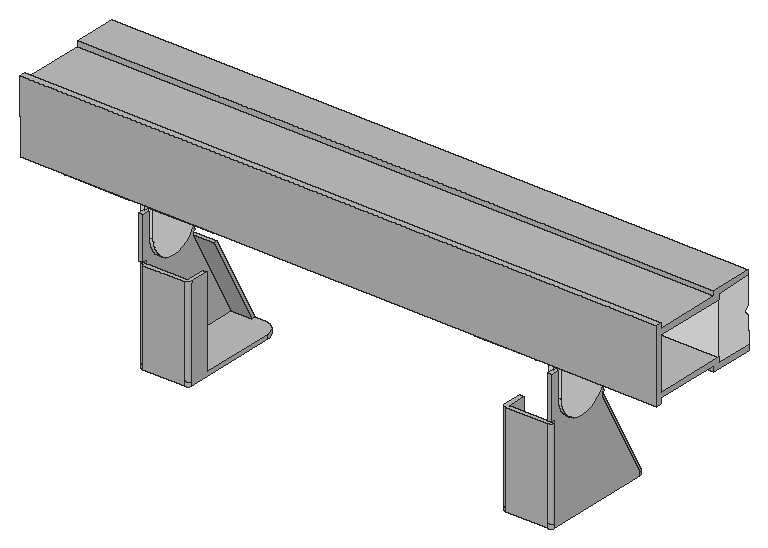
Revit family "4070742+4070746+4070771 Feilo Sylvania Lighting Fixture CURSUS 306MM 218LM OVAL LED 4K with CONTINUOUS WALL HOUSING with 70MM WALL BRACKET", category Lighting Fixtures, host Face, Revit 2017
Family settings
  Host = Face
  Round Connector Dimension = Use Diameter
  Part Type = Normal
  OmniClass Number = 23.80.70.14
  OmniClass Title = Luminaries for External Lighting
  Cut with Voids When Loaded = Yes
  Light Source = No
  Shared = No
  Room Calculation Point = No
Parameters (values of type "4070742 CURSUS 306MM 218LM OVAL LED 4K")
  Weight = "0.6 kg"
  Wattage Comments = "n/a"
  WarrantyStartDate [instance] = "n/a"
  WarrantyGuarantorParts = "n/a"
  WarrantyDurationUnit = "n/a"
  WarrantyDurationParts = "n/a"
  WarrantyDescription = "n/a"
  Voltage = 24 V
  URL = "http://www.sylvania-lighting.com"
  TypeName = "CURSUS 306MM 218LM OVAL LED 4K"
  TypeFixture_FEILO = CURSUS with CONTINUOUS WALL HOUSING : CURSUS 306MM 218LM OVAL LED 4K
  Type Image = <None>
  Type Comments = "n/a"
  TiltAngle [instance] = 0.00°
  StartAngle [instance] = TiltAngle + 270.00°  # 270.00°
  SerialNumber [instance] = "n/a"
  ReflectorMaterial = none
  PowerFactor = 0
  PowerConsumption = "4.5 W"
  NominalLength = 306 mm
  NominalHeight = 50 mm
  NominalDepth = 30 mm
  Name = "CURSUS 306MM 218LM OVAL LED 4K"
  ModelReference = Name  # "CURSUS 306MM 218LM OVAL LED 4K"
  ModelNumber = "4070742"
  Model = Name  # "CURSUS 306MM 218LM OVAL LED 4K"
  Material = "natural anodised extruded aluminium structure housing, optical system with pmma lenses diffuser"
  ManufacturerName = "Feilo Sylvania"
  Manufacturer = "Feilo Sylvania"
  LuminousEfficacy = "48.44 lm/W"
  LuminaireType = ""
  LightOutputRatio = "100"
  LampsType = Lamp  # "LED"
  LampNominalLuminous = "218 lm"
  LampMacAdamStep = "n/a"
  LampColourTemperature = "4000 K"
  LampColourRenderingIndex = "80"
  Lamp = "LED"
  Keynote = "16500"
  InstallationDate [instance] = "n/a"
  InputVoltage = "24V DC"
  InputNominalFrequency = "n/a"
  IngressProtection = "IP67"
  ImpactProtectionIndex = "IK07"
  IfcExportType = "IfcLightFixtureType"
  IfcExportAs = "IfcLightFixtureType"
  ExpectedLife = 50000
  EndAngle [instance] = StartAngle - 180.00°  # 90.00°
  ElectricShockClassification = "Class III"
  DurationUnit = "hours"
  DocumentationLiterature = "http://www.sylvania-lighting.com/product/en-int/products/4070742"
  DimmingControlOptions = "n/a"
  DiffuserMaterial = Diffuser-Sylvania-Glow
  Description = "LED Exterior Lighting Recessed Surface Mounted Linear Fixture, Natural anodised extruded aluminium structure. Die-cast aluminium end caps. Installation kit with harmonic steel springs., 218 lm, 4,5W,  48lm/W, 4000K, CRI80+,non dimmable,IP67, IK07, (HxWxD) 306x50x30mm, 3 step Mac Adam Ellipse, 0.6kg,, Classe III, 21-25V-DC, energy class : A++, A+, A"
  Default Elevation = 1219.2 mm
  CreatedOn = "1/8/2018"
  CreatedBy = ""
  Cost = 0
  built-in parameter 1114216 [instance] = (empty or 0)
  ClassificationValue = "EF_70_80"
  ClassificationName = "Uniclass2015"
  BracketWidth = 24 mm
  BracketThickness = 2 mm
  BracketHeightEnd = 32 mm
  BracketHeight = 55 mm
  BracketFlange = BracketHeight / 5  # 11 mm
  BracketExtension = 70 mm
  BracketEndReduction = 25 mm
  BracketC = 22 mm  # constant formula
  BracketDistance = 175 mm
  BracketD = BracketHeightEnd - (BracketC * (BracketHeight - BracketHeightEnd) / (BracketExtension - BracketEndReduction))  # 20.756 mm
  BodyMaterial = Body-Sylvania-Gray
  BarCode [instance] = "n/a"
  AssetType = "Fixed"
  AssetIdentifier [instance] = "n/a"
  Assembly Code = "D5020200"
  Apparent Load = 4.5 VA
  AccessoryMaterial = Diffuser-Sylvania-Glow
Reference planes
  plane 1 "Center (Front/Back)": y = 0
  plane 2: z = 0
  plane 3 "Center (Left/Right)": x = 0
  plane 4: x = -99.5
  plane 5: x = 99.5
  plane 6: y = 55
  plane 7: x = -75.5
  plane 8: x = 75.5
  plane 9: z = 70
  plane 10: z = 56
  plane 11: z = 2
  plane 12: z = 45
  plane 13: x = -97.5
  plane 14: y = 53
  plane 15: y = 2
  plane 16: x = -77.5
  plane 17: x = 77.5
  plane 18: x = 97.5
  plane 19: x = -87.5
  plane 20: x = 87.5
  plane 21: y = 11
  plane 22: y = 32
  plane 23: y = 30
  plane 24: z = 67
  plane 25: y = 20.756
  plane 26: y = 16
Forms (mm)
  Blend 1, solid, material "Body-Sylvania-Gray" <- "BodyMaterial"
    base sketch origin (1223.4, -4572, 2) x (0, -1, 0) y (1, 0, 0)
      loop
        line (-4625, -1310.9) -> (-4627, -1310.9) -> (-4627, -1320.9)
        arc (-4627, -1320.9) -> (-4626.414, -1322.314) -> (-4625, -1322.9) r 2
        line (-4625, -1322.9) -> (-4574, -1322.9)
        arc (-4574, -1322.9) -> (-4572.586, -1322.314) -> (-4572, -1320.9) r 2
        line (-4572, -1320.9) -> (-4572, -1300.9)
        arc (-4572, -1300.9) -> (-4572.586, -1299.486) -> (-4574, -1298.9) r 2
        line (-4574, -1298.9) -> (-4583, -1298.9) -> (-4583, -1300.9) -> (-4574, -1300.9) -> (-4574, -1320.9) -> (-4625, -1320.9) -> (-4625, -1310.9)
    top sketch origin (1223.4, -4572, 2) x (0, -1, 0) y (1, 0, 0)
      loop
        line (-4583, -1300.9) -> (-4574, -1300.9) -> (-4574, -1320.9) -> (-4602, -1320.9) -> (-4602, -1310.9) -> (-4604, -1310.9) -> (-4604, -1320.9)
        arc (-4604, -1320.9) -> (-4603.52, -1322.21) -> (-4602.309, -1322.9) r 2.028
        line (-4602.309, -1322.9) -> (-4574, -1322.9)
        arc (-4574, -1322.9) -> (-4572.586, -1322.314) -> (-4572, -1320.9) r 2
        line (-4572, -1320.9) -> (-4572, -1300.9)
        arc (-4572, -1300.9) -> (-4572.586, -1299.486) -> (-4574, -1298.9) r 2
        line (-4574, -1298.9) -> (-4583, -1298.9) -> (-4583, -1300.9)
    from 0 to 43
  Extrusion 2, solid, material "Body-Sylvania-Gray" <- "BodyMaterial"
    sketch origin (0, 0, 0) x (1, 0, 0) y (0, 1, 0)
      loop
        arc (-97.5, 55) -> (-98.914, 54.414) -> (-99.5, 53) r 2
        line (-99.5, 53) -> (-99.5, 2)
        arc (-99.5, 2) -> (-98.914, 0.586) -> (-97.5, 0) r 2
        line (-97.5, 0) -> (-77.5, 0)
        arc (-77.5, 0) -> (-76.086, 0.586) -> (-75.5, 2) r 2
        line (-75.5, 2) -> (-75.5, 47.5)
        arc (-75.5, 47.5) -> (-77.697, 52.803) -> (-83, 55) r 7.5
        line (-83, 55) -> (-97.5, 55)
      loop
        line (97.5, 55) -> (83, 55)
        arc (83, 55) -> (77.697, 52.803) -> (75.5, 47.5) r 7.5
        line (75.5, 47.5) -> (75.5, 2)
        arc (75.5, 2) -> (76.086, 0.586) -> (77.5, 0) r 2
        line (77.5, 0) -> (97.5, 0)
        arc (97.5, 0) -> (98.914, 0.586) -> (99.5, 2) r 2
        line (99.5, 2) -> (99.5, 53)
        arc (99.5, 53) -> (98.914, 54.414) -> (97.5, 55) r 2
    from 0 to 2
  Blend 3, solid, material "Body-Sylvania-Gray" <- "BodyMaterial"
    base sketch origin (1223.4, -4572, 2) x (0, -1, 0) y (1, 0, 0)
      loop
        line (-4625, -1125.9) -> (-4574, -1125.9) -> (-4574, -1145.9) -> (-4583, -1145.9) -> (-4583, -1147.9) -> (-4574, -1147.9)
        arc (-4574, -1147.9) -> (-4572.586, -1147.314) -> (-4572, -1145.9) r 2
        line (-4572, -1145.9) -> (-4572, -1125.9)
        arc (-4572, -1125.9) -> (-4572.586, -1124.486) -> (-4574, -1123.9) r 2
        line (-4574, -1123.9) -> (-4625, -1123.9)
        arc (-4625, -1123.9) -> (-4626.414, -1124.486) -> (-4627, -1125.9) r 2
        line (-4627, -1125.9) -> (-4627, -1135.9) -> (-4625, -1135.9) -> (-4625, -1125.9)
    top sketch origin (1223.4, -4572, 2) x (0, -1, 0) y (1, 0, 0)
      loop
        line (-4602, -1135.9) -> (-4602, -1125.9) -> (-4574, -1125.9) -> (-4574, -1145.9) -> (-4583, -1145.9) -> (-4583, -1147.9) -> (-4574, -1147.9)
        arc (-4574, -1147.9) -> (-4572.586, -1147.314) -> (-4572, -1145.9) r 2
        line (-4572, -1145.9) -> (-4572, -1125.9)
        arc (-4572, -1125.9) -> (-4572.586, -1124.486) -> (-4574, -1123.9) r 2
        line (-4574, -1123.9) -> (-4602, -1123.9)
        arc (-4602, -1123.9) -> (-4603.414, -1124.486) -> (-4604, -1125.9) r 2
        line (-4604, -1125.9) -> (-4604, -1135.9) -> (-4602, -1135.9)
    from 0 to 43
  Blend 4, solid, material "Body-Sylvania-Gray" <- "BodyMaterial"
    base sketch origin (1223.4, -4572, 45) x (0, -1, 0) y (1, 0, 0)
      loop
        line (-4604, -1322.9) -> (-4572, -1322.9) -> (-4572, -1320.9) -> (-4604, -1320.9) -> (-4604, -1322.9)
    top sketch origin (1223.4, -4572, 45) x (0, -1, 0) y (1, 0, 0)
      loop
        line (-4572, -1322.9) -> (-4572, -1320.9) -> (-4592.756, -1320.9) -> (-4592.756, -1322.9) -> (-4572, -1322.9)
    from 0 to 22
  Blend 5, solid, material "Body-Sylvania-Gray" <- "BodyMaterial"
    base sketch origin (1223.4, -4572, 45) x (0, -1, 0) y (1, 0, 0)
      loop
        line (-4604, -1125.9) -> (-4572, -1125.9) -> (-4572, -1123.9) -> (-4604, -1123.9) -> (-4604, -1125.9)
    top sketch origin (1223.4, -4572, 45) x (0, -1, 0) y (1, 0, 0)
      loop
        line (-4572, -1123.9) -> (-4592.756, -1123.9) -> (-4592.756, -1125.9) -> (-4572, -1125.9) -> (-4572, -1123.9)
    from 0 to 22
  Extrusion 6, void
    sketch origin (0, 0, 0) x (0, 1, 0) y (0, 0, 1)
      loop
        line (0, 45) -> (2, 45) -> (2, 46.5) -> (0, 46.5) -> (0, 45)
      loop
        line (32, 45) -> (32, 46.5) -> (30, 46.5) -> (30, 45) -> (32, 45)
    from -99.5 to 99.5
  Revolve 7, solid, not visible
    sketch origin (1524, 16, 1219.2) x (1, 0, 0) y (0, 0, 1)
      loop
        line (-1524, -1152.2) -> (-1524, -1163.2) -> (-1436.5, -1163.2) -> (-1436.5, -1152.2) -> (-1524, -1152.2)
      axis (-1436.5, -1163.2) -> (-1524, -1163.2)
    angle from 270 <- "StartAngle" to 90 <- "EndAngle"
Cuts and joins
  Extrusion 6 cuts Blend 4
  Extrusion 6 cuts Blend 5
  joined: Blend 1, Extrusion 2, Blend 3, Blend 4, Blend 5
Lines and regions (mm)
  reference lines, not visible
    curve 1: line (-75.5, 16, 56) -> (75.5, 16, 56)
Dimensions and locks
  equal spacing: plane 4, plane 3 "Center (Left/Right)", plane 5
  "BracketDistance": plane 19 to plane 20
  "BracketHeight": plane 1 "Center (Front/Back)" to plane 6
  equal spacing: plane 7, plane 3 "Center (Left/Right)", plane 8
  "BracketWidth": plane 4 to plane 7
  "BracketExtension": plane 9 to plane 2
  "BracketThickness": plane 11 to plane 2
  "BracketEndReduction": plane 9 to plane 12
  equal spacing: plane 13, plane 3 "Center (Left/Right)", plane 18
  equal spacing: plane 16, plane 3 "Center (Left/Right)", plane 17
  "BracketThickness": plane 4 to plane 13
  "BracketThickness": plane 16 to plane 7
  "BracketThickness": plane 14 to plane 6
  "BracketThickness": plane 1 "Center (Front/Back)" to plane 15
  equal spacing: plane 4, plane 19, plane 7
  equal spacing: plane 8, plane 20, plane 5
  "BracketFlange": plane 1 "Center (Front/Back)" to plane 21
  "BracketHeightEnd": plane 1 "Center (Front/Back)" to plane 22
  "BracketThickness": plane 23 to plane 22
  locked: Extrusion 2 sketch curve to plane 7 at 7.5
  locked: Extrusion 2 sketch curve to plane 6 at 7.5  (x2)
  locked: plane 8 to Extrusion 2 sketch curve at 7.5
  "BracketC": plane 24 to plane 12
  "BracketD": plane 1 "Center (Front/Back)" to plane 25
  locked: plane 12 to Extrusion 6 sketch curve at 1.5
  equal spacing: plane 24, plane 10, plane 12
  equal spacing: plane 1 "Center (Front/Back)", plane 26, plane 22
  aligned and locked: plane 2 to host face
  aligned and locked: level to host face
  aligned and locked: plane 4 to Blend 1 sketch curve  (x2)
  aligned and locked: plane 13 to Blend 1 sketch curve  (x3)
  aligned and locked: Blend 1 sketch curve to plane 15
  aligned and locked: Blend 1 sketch curve to plane 16
  aligned and locked: Blend 1 sketch curve to plane 21
  aligned and locked: plane 7 to Blend 1 sketch curve
  aligned and locked: plane 16 to Blend 1 sketch curve
  aligned and locked: plane 1 "Center (Front/Back)" to Blend 1 sketch curve
  aligned and locked: plane 14 to Blend 1 sketch curve
  aligned and locked: Blend 1 sketch curve to var sketch  (x6)
  aligned and locked: Blend 1 sketch curve to plane 19
  aligned and locked: Blend 1 sketch curve to plane 22
  aligned and locked: plane 23 to Blend 1 sketch curve
  aligned and locked: plane 11 to Blend 1
  aligned and locked: Extrusion 2 sketch curve to Blend 1  (x3)
  aligned and locked: Extrusion 2 to level
  aligned and locked: Extrusion 2 to plane 11
  aligned and locked: Extrusion 2 sketch curve to plane 7
  aligned and locked: plane 18 to Blend 3 sketch curve  (x4)
  aligned and locked: plane 14 to Blend 3 sketch curve  (x2)
  aligned and locked: Blend 3 sketch curve to plane 20
  aligned and locked: Blend 3 sketch curve to plane 6
  aligned and locked: plane 5 to Blend 3 sketch curve
  aligned and locked: plane 1 "Center (Front/Back)" to Blend 3 sketch curve
  aligned and locked: plane 15 to Blend 3 sketch curve  (x2)
  aligned and locked: Blend 3 sketch curve to plane 8
  aligned and locked: Blend 3 sketch curve to plane 21
  aligned and locked: plane 17 to Blend 3 sketch curve
  aligned and locked: Blend 3 sketch curve to plane 18
  aligned and locked: plane 20 to Blend 3 sketch curve  (x2)
  aligned and locked: Blend 3 sketch curve to plane 23
  aligned and locked: Blend 3 sketch curve to var sketch  (x8)
  aligned and locked: var sketch to Blend 3 sketch curve
  aligned and locked: plane 22 to Blend 3 sketch curve
  aligned and locked: plane 11 to Blend 3
  aligned and locked: Extrusion 2 sketch curve to Blend 3  (x4)
  aligned and locked: Blend 1 to plane 12
  aligned and locked: Blend 3 to plane 12
  aligned and locked: Blend 4 sketch curve to plane 22
  aligned and locked: Blend 4 sketch curve to cut or joined group of Blend 1, Extrusion 2, Blend 3, Blend 4, Blend 5, Extrusion 6  (x2)
  aligned and locked: cut or joined group of Blend 1, Extrusion 2, Blend 3, Blend 4, Blend 5, Extrusion 6 to Blend 4 sketch curve
  aligned and locked: Blend 4 sketch curve to var sketch  (x2)
  aligned and locked: Blend 4 sketch curve to plane 13
  aligned and locked: Blend 4 to plane 24
  aligned and locked: Blend 4 sketch curve to plane 25
  aligned and locked: Blend 5 sketch curve to plane 18  (x2)
  aligned and locked: plane 1 "Center (Front/Back)" to Blend 5 sketch curve
  aligned and locked: plane 5 to Blend 5 sketch curve
  aligned and locked: plane 22 to Blend 5 sketch curve
  aligned and locked: Blend 5 sketch curve to var sketch
  aligned and locked: var sketch to Blend 5 sketch curve
  aligned and locked: Blend 5 sketch curve to plane 25
  aligned and locked: Blend 5 to plane 24
  aligned and locked: plane 12 to Blend 5
  aligned and locked: Extrusion 6 sketch curve to cut or joined group of Blend 1, Extrusion 2, Blend 3, Blend 4, Blend 5, Extrusion 6  (x2)
  aligned and locked: Extrusion 6 sketch curve to Extrusion 6 sketch curve
  aligned and locked: Extrusion 6 sketch curve to plane 15
  aligned and locked: plane 5 to Extrusion 6
  aligned and locked: Extrusion 6 to plane 4
  aligned and locked: Extrusion 6 sketch curve to plane 23
  aligned and locked: Revolve 7 sketch curve to plane 10  (x2)
  aligned and locked: plane 24 to Revolve 7 sketch curve
  aligned and locked: plane 3 "Center (Left/Right)" to Revolve 7 sketch curve
  aligned and locked: Revolve 7 sketch curve to plane 20
  aligned and locked: plane 7 to curve 1
  aligned and locked: plane 10 to curve 1
  aligned and locked: nested 1 to plane 5
  aligned and locked: nested 2 to plane 4
  aligned and locked: nested 1 to curve 1
  aligned and locked: nested 2 to curve 1
  aligned and locked: nested 1 to nested 3
  aligned and locked: nested 3 to plane 3 "Center (Left/Right)"
Automatic sketch dimensions
  host sketch curve to host sketch curve = 2438.4 mm  (x2)
  Blend 1 sketch curve to plane 13 = 0 mm
  plane 15 to Blend 1 sketch curve = 0 mm  (x3)
  Blend 1 sketch curve to plane 23 = 0.309 mm
  plane 6 to Blend 1 sketch curve = 0 mm
  plane 14 to Blend 1 sketch curve = 0 mm
  Blend 1 sketch curve to plane 19 = 0 mm
  Blend 3 sketch curve to plane 17 = 0 mm
  Extrusion 6 sketch curve to plane 1 "Center (Front/Back)" = 0 mm
  plane 12 to Extrusion 6 sketch curve = 0 mm
  Revolve 7 sketch curve to plane 4 = 1153 mm
  plane 5 to Revolve 7 sketch curve = 1161.4 mm
  curve 1 to plane 8 = 0 mm
Nested families
  nested 1: "MountingPlate" at (98.5, 16, 56) x (-1, 0, 0) z (0, 0, 1), type "MountingPlate"
  nested 2: "MountingPlate" at (-98.5, 16, 56) x (-1, 0, 0) z (0, 0, 1), type "MountingPlate"
  nested 3: "CURSUS with CONTINUOUS WALL HOUSING" at (0, -4, 74) x (-1, 0, 0) z (0, 0, 1), type <- "TypeFixture_FEILO", type "CURSUS 306MM 218LM OVAL LED 4K"
    with WarrantyStartDate "n/a", SerialNumber "n/a", InstallationDate "n/a", EndCapRight no, EndCapLeft no, built-in parameter 1114216 (empty or 0), BarCode "n/a", AssetIdentifier "n/a"
Connectors
  electrical at (0, 0, 0), driven by "Voltage", driven by "Apparent Load", driven by "PowerFactor", driven by "Apparent Load"
    settings: index 1, voltage 24 V, apparent load 4.5 VA, apparent load phase1 4.5 VA, apparent load phase2 0 VA, apparent load phase3 0 VA, power factor 0, load classification "Other", number of poles 1, system type 30, power factor state 1, is connector primary yes, connector utility no, sub classification motor no, connector description ""
Definition of nested family "MountingPlate"
  Parameters (values of type "MountingPlate")
    URL = "http://www.feilosylvania.com"
    Type Comments = "n/a"
    ReflectorMaterial = none
    MountingPlateWidth = 76 mm
    MountingPlateThickness = 2 mm
    MountingPlateRadiusBack = 12 mm
    MountingPlateRadius = 3 mm
    MountingPlateHeight = 35 mm
    Model = "n/a"
    Manufacturer = "Feilo Sylvania"
    Keynote = "n/a"
    DiffuserMaterial = none
    Description = "n/a"
    Default Elevation = 1219.2 mm
    Cost = 0
    BodyMaterial = none
    Assembly Code = "n/a"
    AccessoryMaterial = none
  Reference planes
    plane 1 "Center (Front/Back)": y = 0
    plane 2: z = 0
    plane 3 "Center (Left/Right)": x = 0
    plane 4: x = -38
    plane 5: x = 38
    plane 6: y = 17.5
    plane 7: y = -17.5
    plane 8: x = -3
    plane 9: x = 3
    plane 10: z = 18
    plane 11: z = 16
    plane 12: y = 12.5
    plane 13: y = -12.5
    plane 14: x = -1
    plane 15: x = 1
    plane 16: z = -12.5
    plane 17: z = -14.5
  Forms (mm)
    Extrusion 1, solid
      sketch origin (1.653, 0, 0) x (1, 0, 0) y (0, 1, 0)
        loop
          line (-1219.2, 1219.2) -> (-1219.2, -1219.2) -> (1219.2, -1219.2) -> (1219.2, 1219.2) -> (-1219.2, 1219.2)
      from 0 to -304.8
    Extrusion 2, solid, material <- "BodyMaterial"
      sketch origin (1218.4, -4572, 16) x (0, -1, 0) y (-1, 0, 0)
        loop
          line (-4589.5, 1253.4) -> (-4589.5, 1224.4)
          arc (-4589.5, 1224.4) -> (-4588.621, 1222.279) -> (-4586.5, 1221.4) r 3
          line (-4586.5, 1221.4) -> (-4557.5, 1221.4)
          arc (-4557.5, 1221.4) -> (-4555.379, 1222.279) -> (-4554.5, 1224.4) r 3
          line (-4554.5, 1224.4) -> (-4554.5, 1253.4)
          arc (-4554.5, 1253.4) -> (-4555.379, 1255.521) -> (-4557.5, 1256.4) r 3
          line (-4557.5, 1256.4) -> (-4586.5, 1256.4)
          arc (-4586.5, 1256.4) -> (-4588.621, 1255.521) -> (-4589.5, 1253.4) r 3
        loop
          arc (-4589.5, 1183.4) -> (-4588.621, 1181.279) -> (-4586.5, 1180.4) r 3
          line (-4586.5, 1180.4) -> (-4557.5, 1180.4)
          arc (-4557.5, 1180.4) -> (-4555.379, 1181.279) -> (-4554.5, 1183.4) r 3
          line (-4554.5, 1183.4) -> (-4554.5, 1212.4)
          arc (-4554.5, 1212.4) -> (-4555.379, 1214.521) -> (-4557.5, 1215.4) r 3
          line (-4557.5, 1215.4) -> (-4586.5, 1215.4)
          arc (-4586.5, 1215.4) -> (-4588.621, 1214.521) -> (-4589.5, 1212.4) r 3
          line (-4589.5, 1212.4) -> (-4589.5, 1183.4)
      from 0 to -2
    Extrusion 3, solid, material <- "BodyMaterial"
      sketch origin (0, 0, 0) x (1, 0, 0) y (0, 0, 1)
        loop
          line (-3, 18) -> (-3, -12.5) -> (-1, -12.5) -> (-1, 16)
          arc (-1, 16) -> (-1.586, 17.414) -> (-3, 18) r 2
        loop
          line (3, -12.5) -> (3, 18)
          arc (3, 18) -> (1.586, 17.414) -> (1, 16) r 2
          line (1, 16) -> (1, -12.5) -> (3, -12.5)
      from -12.5 to 12.5
    Extrusion 4, void
      sketch origin (0, 0, 0) x (0, 1, 0) y (0, 0, 1)
        loop
          line (-12.5, -0.5) -> (-17.5, -0.5) -> (-17.5, -14.5) -> (-0.5, -14.5) -> (-0.5, -12.5)
          arc (-0.5, -12.5) -> (-8.985, -8.985) -> (-12.5, -0.5) r 12
        loop
          line (0.5, -12.5) -> (0.5, -14.5) -> (17.5, -14.5) -> (17.5, -0.5) -> (12.5, -0.5)
          arc (12.5, -0.5) -> (8.985, -8.985) -> (0.5, -12.5) r 12
      from -3 to 3
  Cuts and joins
    Extrusion 4 cuts Extrusion 2
    Extrusion 4 cuts Extrusion 3
    joined: Extrusion 2, Extrusion 3
  Lines and regions (mm)
    reference lines
      curve 1: line (-38, 0, 0) -> (38, 0, 0)
  Dimensions and locks
    equal spacing: plane 4, plane 3 "Center (Left/Right)", plane 5
    "MountingPlateWidth": plane 4 to plane 5
    equal spacing: plane 7, plane 1 "Center (Front/Back)", plane 6
    "MountingPlateHeight": plane 7 to plane 6
    equal spacing: plane 8, plane 3 "Center (Left/Right)", plane 9
    "MountingPlateHeight": plane 4 to plane 8
    locked: plane 10 to plane 2 at 18
    "MountingPlateThickness": plane 10 to plane 11
    equal spacing: plane 13, plane 1 "Center (Front/Back)", plane 12
    locked: plane 13 to plane 12 at 25
    "MountingPlateRadius": plane 4 to Extrusion 2 sketch curve  (x2)
    "MountingPlateRadius": Extrusion 2 sketch curve to plane 6  (x4)
    "MountingPlateRadius": Extrusion 2 sketch curve to plane 8  (x2)
    "MountingPlateRadius": plane 7 to Extrusion 2 sketch curve  (x4)
    "MountingPlateRadius": plane 9 to Extrusion 2 sketch curve  (x2)
    "MountingPlateRadius": Extrusion 2 sketch curve to plane 5  (x2)
    equal spacing: plane 15, plane 3 "Center (Left/Right)", plane 14
    "MountingPlateThickness": plane 14 to plane 8
    locked: plane 2 to plane 16 at 12.5
    locked: plane 17 to plane 16 at 2
    "MountingPlateRadiusBack": plane 13 to Extrusion 4 sketch curve
    "MountingPlateRadiusBack": plane 16 to Extrusion 4 sketch curve  (x2)
    "MountingPlateRadiusBack": Extrusion 4 sketch curve to plane 12
    aligned and locked: plane 2 to Extrusion 1
    aligned and locked: level to Extrusion 1
    aligned and locked: Extrusion 2 sketch curve to plane 6
    aligned and locked: Extrusion 2 sketch curve to plane 4
    aligned and locked: plane 7 to Extrusion 2 sketch curve
    aligned and locked: plane 8 to Extrusion 2 sketch curve
    aligned and locked: plane 6 to Extrusion 2 sketch curve
    aligned and locked: Extrusion 2 sketch curve to plane 5
    aligned and locked: Extrusion 2 sketch curve to plane 7
    aligned and locked: plane 9 to Extrusion 2 sketch curve
    aligned and locked: Extrusion 2 to plane 10
    aligned and locked: plane 11 to Extrusion 2
    aligned and locked: Extrusion 3 sketch curve to Extrusion 2  (x2)
    aligned and locked: plane 16 to Extrusion 3 sketch curve  (x2)
    aligned and locked: plane 14 to Extrusion 3 sketch curve
    aligned and locked: plane 9 to Extrusion 3 sketch curve
    aligned and locked: plane 15 to Extrusion 3 sketch curve
    aligned and locked: Extrusion 3 to plane 12
    aligned and locked: plane 13 to Extrusion 3
    aligned and locked: plane 17 to Extrusion 4 sketch curve  (x2)
    aligned and locked: Extrusion 4 sketch curve to plane 7
    aligned and locked: Extrusion 4 sketch curve to plane 6
    aligned and locked: plane 9 to Extrusion 4
    aligned and locked: Extrusion 4 to plane 8
    aligned and locked: plane 4 to curve 1
    aligned and locked: curve 1 to level
  Automatic sketch dimensions
    Extrusion 1 sketch curve to Extrusion 1 sketch curve = 2438.4 mm  (x2)
    Extrusion 3 sketch curve to plane 11 = 0 mm
    curve 1 to plane 5 = 0 mm
    Extrusion 4 sketch curve to plane 13 = 0 mm
    Extrusion 4 sketch curve to plane 12 = 0 mm
Definition of nested family "CURSUS with CONTINUOUS WALL HOUSING"
  Parameters (values of type "CURSUS 1161MM 827LM OVAL LED 3K")
    Width_FEILO = 35 mm
    Weight = "2.2 kg"
    Wattage Comments = "n/a"
    Wattage = 18 W
    WarrantyStartDate [instance] = "n/a"
    WarrantyGuarantorParts = "n/a"
    WarrantyDurationUnit = "n/a"
    WarrantyDurationParts = "n/a"
    WarrantyDescription = "n/a"
    WallThickness_FEILO = 2.5 mm
    built-in parameter 1150110 = 1 (stored number, unit not read)
    Voltage = 24 V
    URL = "http://www.feilosylvania.com"
    TypeName = "CURSUS 1161MM 827LM OVAL LED 3K"
    Type Image = (empty or 0)
    Type Comments = "n/a"
    built-in parameter 1114217 = 1 (stored number, unit not read)
    Tilt Angle = -90.00°
    built-in parameter 1150109 = 1 (stored number, unit not read)
    built-in parameter 1150134 = (empty or 0)
    built-in parameter 1150113 = 1 (stored number, unit not read)
    SerialNumber [instance] = "n/a"
    ReflectorMaterial = none
    PowerFactor = 0
    PowerConsumption = "18 W"
    Photometric Web File = "4070765.ies"
    NominalLength = 1161 mm
    NominalHeight = 50 mm
    NominalDepth = 30 mm
    Name = "CURSUS 1161MM 827LM OVAL LED 3K"
    ModelReference = Name  # "CURSUS 1161MM 827LM OVAL LED 3K"
    ModelNumber = ""
    Model = Name  # "CURSUS 1161MM 827LM OVAL LED 3K"
    Material = "natural anodised extruded aluminium structure housing, optical system with pmma lenses diffuser"
    ManufacturerName = "Feilo Sylvania"
    Manufacturer = "Feilo Sylvania"
    LuminousEfficacy = "45.94 lm/W"
    built-in parameter 1150105 = 65.811 (stored number, unit not read)
    Lumens = 827 lm
    LuminaireType = ""
    built-in parameter 1150115 = 1 (stored number, unit not read)
    LightOutputRatio = "100"
    built-in parameter 1150137 = (empty or 0)
    built-in parameter 1150139 = (empty or 0)
    Length_FEILO = 1167 mm
    LampsType = Lamp  # "LED"
    LampNominalLuminous = "827 lm"
    LampMacAdamStep = "n/a"
    LampColourTemperature = "3000 K"
    LampColourRenderingIndex = "80"
    built-in parameter 1150112 = 1 (stored number, unit not read)
    built-in parameter 1150114 = 1 (stored number, unit not read)
    Lamp = "LED"
    Keynote = "16500"
    InstallationDate [instance] = "n/a"
    InputVoltage = "24V DC"
    InputNominalFrequency = "n/a"
    built-in parameter 1150132 = (empty or 0)
    built-in parameter 1150102 = (empty or 0)
    built-in parameter 1150107 = 3000 (stored number, unit not read)
    built-in parameter 1150138 = (empty or 0)
    IngressProtection = "IP67"
    ImpactProtectionIndex = "IK07"
    built-in parameter 1150106 = 0.65811 (stored number, unit not read)
    IfcExportType = "IfcLightFixtureType"
    IfcExportAs = "IfcLightFixtureType"
    ExpectedLife = 50000
    EndCapRight [instance] = no
    EndCapLeft [instance] = no
    Emit from Rectangle Width = Width_FEILO - WallThickness_FEILO * 2  # 30 mm
    Emit from Rectangle Length = Length_FEILO - WallThickness_FEILO * 2  # 1162 mm
    Emit Shape Visible in Rendering = no
    ElectricShockClassification = "Class III"
    built-in parameter 1150104 = 4.2684 (stored number, unit not read)
    DurationUnit = "hours"
    DocumentationLiterature = "http://www.feilosylvania.com/product/en-int/products/4070765"
    DimmingControlOptions = "n/a"
    Dimming Lamp Color Temperature Shift = (empty or 0)
    DiffuserMaterial = none
    Description = "LED Exterior Lighting Recessed Surface Mounted Linear Fixture, Natural anodised extruded aluminium structure. Die-cast aluminium end caps. Installation kit with harmonic steel springs., 827 lm, 18W, 45lm/W, 3000K, CRI80+,non dimmable,IP67, IK07, (HxWxD) 1161x50x30mm, 3 step Mac Adam Ellipse, 2.2kg,, Classe III, 21-25V-DC, energy class : A++, A+, A"
    Default Elevation = 1219.2 mm
    CreatedOn = "1/8/2018"
    CreatedBy = "aron.fodor@feilosylvania.com"
    Cost = 0
    Color Filter = 16777215
    built-in parameter 1114216 [instance] = (empty or 0)
    ClassificationValue = "EF_70_80"
    ClassificationName = "Uniclass2015"
    BodyMaterial = none
    BarCode [instance] = "n/a"
    built-in parameter 1114218 = 1 (stored number, unit not read)
    built-in parameter 1150133 = 10 (stored number, unit not read)
    AssetType = "Fixed"
    AssetIdentifier [instance] = "n/a"
    Assembly Code = "D5020200"
    Apparent Load = 18 VA
    AccessoryMaterial = none
  Types (16, lengths in mm): name | Weight | Wattage | Voltage | TypeName | built-in parameter 1150134 | PowerConsumption | Photometric Web File | NominalLength | Name | ModelReference | Model | Material | LuminousEfficacy | built-in parameter 1150105 | Lumens | Length_FEILO | LampNominalLuminous | LampColourTemperature | InputVoltage | InputNominalFrequency | built-in parameter 1150107 | built-in parameter 1150106 | Emit from Rectangle Length | built-in parameter 1150104 | DocumentationLiterature | Description | Apparent Load
    CURSUS 1161MM 827LM OVAL LED 3K | "2.2 kg" | 18 W | 24 V | "CURSUS 1161MM 827LM OVAL LED 3K" | (empty or 0) | "18 W" | "4070765.ies" | 1161 | "CURSUS 1161MM 827LM OVAL LED 3K" | "CURSUS 1161MM 827LM OVAL LED 3K" | "CURSUS 1161MM 827LM OVAL LED 3K" | "natural anodised extruded aluminium structure housing, optical system with pmma lenses diffuser" | "45.94 lm/W" | 65.811 (stored number, unit not read) | 827 lm | 1167 | "827 lm" | "3000 K" | "24V DC" | "n/a" | 3000 (stored number, unit not read) | 0.65811 (stored number, unit not read) | 1162 | 4.2684 (stored number, unit not read) | "http://www.feilosylvania.com/product/en-int/products/4070765" | "LED Exterior Lighting Recessed Surface Mounted Linear Fixture, Natural anodised extruded aluminium structure. Die-cast aluminium end caps. Installation kit with harmonic steel springs., 827 lm, 18W, 45lm/W, 3000K, CRI80+,non dimmable,IP67, IK07, (HxWxD) 1161x50x30mm, 3 step Mac Adam Ellipse, 2.2kg,, Classe III, 21-25V-DC, energy class : A++, A+, A" | 18 VA
    CURSUS 1161MM 731LM WIDE LED 3K | "2.2 kg" | 18 W | 230 V | "CURSUS 1161MM 731LM WIDE LED 3K" | (empty or 0) | "18 W" | "4070764.ies" | 1161 | "CURSUS 1161MM 731LM WIDE LED 3K" | "CURSUS 1161MM 731LM WIDE LED 3K" | "CURSUS 1161MM 731LM WIDE LED 3K" | "natural anodised extruded aluminium structure housing" | "40.61 lm/W" | 58.171 (stored number, unit not read) | 731 lm | 1167 | "731 lm" | "3000 K" | "220-240V~" | "n/a" | 3000 (stored number, unit not read) | 0.58171 (stored number, unit not read) | 1162 | 3.7729 (stored number, unit not read) | "http://www.feilosylvania.com/product/en-int/products/4070764" | "LED Exterior Lighting Recessed Surface Mounted Linear Fixture, Natural anodised extruded aluminium structure. Die-cast aluminium end caps. Installation kit with harmonic steel springs., 731 lm, 18W, 40lm/W, 3000K, CRI80+,non dimmable,IP67, IK07, (HxWxD) 1161x50x30mm, 3 step Mac Adam Ellipse, 2.2kg,, Classe III, 21-25V-DC, energy class : A++, A+, A" | 18 VA
    CURSUS 1161MM 871LM OVAL LED 4K | "2.2 kg" | 18 W | 24 V | "CURSUS 1161MM 871LM OVAL LED 4K" | 12 | "18 W" | "4070763.ies" | 1161 | "CURSUS 1161MM 871LM OVAL LED 4K" | "CURSUS 1161MM 871LM OVAL LED 4K" | "CURSUS 1161MM 871LM OVAL LED 4K" | "natural anodised extruded aluminium structure housing, optical system with pmma lenses diffuser" | "48.38 lm/W" | 69.312 (stored number, unit not read) | 871 lm | 1167 | "871 lm" | "4000 K" | "24V DC" | "50/60 Hz" | 4000 (stored number, unit not read) | 0.69312 (stored number, unit not read) | 1162 | 4.4955 (stored number, unit not read) | "http://www.feilosylvania.com/product/en-int/products/4070763" | "LED Exterior Lighting Recessed Surface Mounted Linear Fixture, Natural anodised extruded aluminium structure. Die-cast aluminium end caps. Installation kit with harmonic steel springs., 871 lm, 18W,  48lm/W, 4000K, CRI80+,non dimmable,IP67, IK07, (HxWxD) 1161x50x30mm, 3 step Mac Adam Ellipse, 2.2kg,, Classe III, 21-25V-DC, energy class : A++, A+, A" | 18 VA
    CURSUS 1161MM 770LM WIDE LED 4K | "2.2 kg" | 18 W | 230 V | "CURSUS 1161MM 770LM WIDE LED 4K" | 12 | "18 W" | "4070762.ies" | 1161 | "CURSUS 1161MM 770LM WIDE LED 4K" | "CURSUS 1161MM 770LM WIDE LED 4K" | "CURSUS 1161MM 770LM WIDE LED 4K" | "natural anodised extruded aluminium structure housing" | "42.77 lm/W" | 61.275 (stored number, unit not read) | 770 lm | 1167 | "770 lm" | "4000 K" | "220-240V~" | "n/a" | 4000 (stored number, unit not read) | 0.61275 (stored number, unit not read) | 1162 | 3.9742 (stored number, unit not read) | "http://www.feilosylvania.com/product/en-int/products/4070762" | "LED Exterior Lighting Recessed Surface Mounted Linear Fixture, Natural anodised extruded aluminium structure. Die-cast aluminium end caps. Installation kit with harmonic steel springs., 770 lm, 18W,  42lm/W, 4000K, CRI80+,non dimmable,IP67, IK07, (HxWxD) 1161x50x30mm, 3 step Mac Adam Ellipse, 2.2kg,, Classe III, 21-25V-DC, energy class : A++, A+, A" | 18 VA
    CURSUS 876MM 620LM OVAL LED 3K | "1.7 kg" | 13.5 W | 24 V | "CURSUS 876MM 620LM OVAL LED 3K" | (empty or 0) | "13.5 W" | "4070758.ies" | 876 | "CURSUS 876MM 620LM OVAL LED 3K" | "CURSUS 876MM 620LM OVAL LED 3K" | "CURSUS 876MM 620LM OVAL LED 3K" | "natural anodised extruded aluminium structure housing, optical system with pmma lenses diffuser" | "45.92 lm/W" | 49.338 (stored number, unit not read) | 620 lm | 882 | "620 lm" | "3000 K" | "24V DC" | "50/60 Hz" | 3000 (stored number, unit not read) | 0.49338 (stored number, unit not read) | 877 | 4.2667 (stored number, unit not read) | "http://www.feilosylvania.com/product/en-int/products/4070758" | "LED Exterior Lighting Recessed Surface Mounted Linear Fixture, Natural anodised extruded aluminium structure. Die-cast aluminium end caps. Installation kit with harmonic steel springs., 620 lm, 13,5W, 45lm/W, 3000K, CRI80+,non dimmable,IP67, IK07, (HxWxD) 876x50x30mm, 3 step Mac Adam Ellipse, 1.7kg,, Classe III, 21-25V-DC, energy class : A++, A+, A" | 13.5 VA
    CURSUS 876MM 548LM WIDE LED 3K | "1.7 kg" | 13.5 W | 24 V | "CURSUS 876MM 548LM WIDE LED 3K" | (empty or 0) | "13.5 W" | "4070757.ies" | 876 | "CURSUS 876MM 548LM WIDE LED 3K" | "CURSUS 876MM 548LM WIDE LED 3K" | "CURSUS 876MM 548LM WIDE LED 3K" | "natural anodised extruded aluminium structure housing" | "40.59 lm/W" | 43.608 (stored number, unit not read) | 548 lm | 882 | "548 lm" | "3000 K" | "24V DC" | "n/a" | 3000 (stored number, unit not read) | 0.43608 (stored number, unit not read) | 877 | 3.7712 (stored number, unit not read) | "http://www.feilosylvania.com/product/en-int/products/4070757" | "LED Exterior Lighting Recessed Surface Mounted Linear Fixture, Natural anodised extruded aluminium structure. Die-cast aluminium end caps. Installation kit with harmonic steel springs., 548 lm, 13,5W, 40lm/W, 3000K, CRI80+,non dimmable,IP67, IK07, (HxWxD) 876x50x30mm, 3 step Mac Adam Ellipse, 1.7kg,, Classe III, 21-25V-DC, energy class : A++, A+, A" | 13.5 VA
    CURSUS 876MM 653LM OVAL LED 4K | "1.7 kg" | 13.5 W | 24 V | "CURSUS 876MM 653LM OVAL LED 4K" | 12 | "13.5 W" | "4070756.ies" | 876 | "CURSUS 876MM 653LM OVAL LED 4K" | "CURSUS 876MM 653LM OVAL LED 4K" | "CURSUS 876MM 653LM OVAL LED 4K" | "natural anodised extruded aluminium structure housing, optical system with pmma lenses diffuser" | "48.37 lm/W" | 51.964 (stored number, unit not read) | 653 lm | 882 | "653 lm" | "4000 K" | "24V DC" | "n/a" | 4000 (stored number, unit not read) | 0.51964 (stored number, unit not read) | 877 | 4.4938 (stored number, unit not read) | "http://www.feilosylvania.com/product/en-int/products/4070756" | "LED Exterior Lighting Recessed Surface Mounted Linear Fixture, Natural anodised extruded aluminium structure. Die-cast aluminium end caps. Installation kit with harmonic steel springs., 653 lm, 13,5W,  48lm/W, 4000K, CRI80+,non dimmable,IP67, IK07, (HxWxD) 876x50x30mm, 3 step Mac Adam Ellipse, 1.7kg,, Classe III, 21-25V-DC, energy class : A++, A+, A" | 13.5 VA
    CURSUS 876MM 577LM WIDE LED 4K | "1.7 kg" | 13.5 W | 24 V | "CURSUS 876MM 577LM WIDE LED 4K" | 12 | "13.5 W" | "4070755.ies" | 876 | "CURSUS 876MM 577LM WIDE LED 4K" | "CURSUS 876MM 577LM WIDE LED 4K" | "CURSUS 876MM 577LM WIDE LED 4K" | "natural anodised extruded aluminium structure housing" | "42.74 lm/W" | 45.916 (stored number, unit not read) | 577 lm | 882 | "577 lm" | "4000 K" | "24V DC" | "n/a" | 4000 (stored number, unit not read) | 0.45916 (stored number, unit not read) | 877 | 3.9707 (stored number, unit not read) | "http://www.feilosylvania.com/product/en-int/products/4070755" | "LED Exterior Lighting Recessed Surface Mounted Linear Fixture, Natural anodised extruded aluminium structure. Die-cast aluminium end caps. Installation kit with harmonic steel springs., 577 lm, 13,5W,  42lm/W, 4000K, CRI80+,non dimmable,IP67, IK07, (HxWxD) 876x50x30mm, 3 step Mac Adam Ellipse, 1.7kg,, Classe III, 21-25V-DC, energy class : A++, A+, A" | 13.5 VA
    CURSUS 591MM 414LM OVAL LED 3K | "1.2 kg" | 9 W | 24 V | "CURSUS 591MM 414LM OVAL LED 3K" | (empty or 0) | "9 W" | "4070751.ies" | 591 | "CURSUS 591MM 414LM OVAL LED 3K" | "CURSUS 591MM 414LM OVAL LED 3K" | "CURSUS 591MM 414LM OVAL LED 3K" | "natural anodised extruded aluminium structure housing, optical system with pmma lenses diffuser" | "46 lm/W" | 32.945 (stored number, unit not read) | 414 lm | 597 | "414 lm" | "3000 K" | "24V DC" | "n/a" | 3000 (stored number, unit not read) | 0.32945 (stored number, unit not read) | 592 | 4.2735 (stored number, unit not read) | "http://www.feilosylvania.com/product/en-int/products/4070751" | "LED Exterior Lighting Recessed Surface Mounted Linear Fixture, Natural anodised extruded aluminium structure. Die-cast aluminium end caps. Installation kit with harmonic steel springs., 414 lm, 9W, 46lm/W, 3000K, CRI80+,non dimmable,IP67, IK07, (HxWxD) 591x50x30mm, 3 step Mac Adam Ellipse, 1.2kg,, Classe III, 21-25V-DC, energy class : A++, A+, A" | 9 VA
    CURSUS 591MM 365LM WIDE LED 3K | "1.2 kg" | 9 W | 24 V | "CURSUS 591MM 365LM WIDE LED 3K" | (empty or 0) | "9 W" | "4070750.ies" | 591 | "CURSUS 591MM 365LM WIDE LED 3K" | "CURSUS 591MM 365LM WIDE LED 3K" | "CURSUS 591MM 365LM WIDE LED 3K" | "natural anodised extruded aluminium structure housing" | "40.55 lm/W" | 29.046 (stored number, unit not read) | 365 lm | 597 | "365 lm" | "3000 K" | "24V DC" | "n/a" | 3000 (stored number, unit not read) | 0.29046 (stored number, unit not read) | 592 | 3.7677 (stored number, unit not read) | "http://www.feilosylvania.com/product/en-int/products/4070750" | "LED Exterior Lighting Recessed Surface Mounted Linear Fixture, Natural anodised extruded aluminium structure. Die-cast aluminium end caps. Installation kit with harmonic steel springs., 365 lm, 9W, 40lm/W, 3000K, CRI80+,non dimmable,IP67, IK07, (HxWxD) 591x50x30mm, 3 step Mac Adam Ellipse, 1.2kg,, Classe III, 21-25V-DC, energy class : A++, A+, A" | 9 VA
    CURSUS 591MM 435LM OVAL LED 4K | "1.2 kg" | 9 W | 24 V | "CURSUS 591MM 435LM OVAL LED 4K" | 12 | "9 W" | "4070749.ies" | 591 | "CURSUS 591MM 435LM OVAL LED 4K" | "CURSUS 591MM 435LM OVAL LED 4K" | "CURSUS 591MM 435LM OVAL LED 4K" | "natural anodised extruded aluminium structure housing, optical system with pmma lenses diffuser" | "48.33 lm/W" | 34.616 (stored number, unit not read) | 435 lm | 597 | "435 lm" | "4000 K" | "24V DC" | "n/a" | 4000 (stored number, unit not read) | 0.34616 (stored number, unit not read) | 592 | 4.4903 (stored number, unit not read) | "http://www.feilosylvania.com/product/en-int/products/4070749" | "LED Exterior Lighting Recessed Surface Mounted Linear Fixture, Natural anodised extruded aluminium structure. Die-cast aluminium end caps. Installation kit with harmonic steel springs., 435 lm, 9W, 48lm/W, 4000K, CRI80+,non dimmable,IP67, IK07, (HxWxD) 591x50x30mm, 3 step Mac Adam Ellipse, 1.2kg,, Classe III, 21-25V-DC, energy class : A++, A+, A" | 9 VA
    CURSUS 591MM 385LM WIDE LED 4K | "1.2 kg" | 9 W | 24 V | "CURSUS 591MM 385LM WIDE LED 4K" | 12 | "9 W" | "4070748.ies" | 591 | "CURSUS 591MM 385LM WIDE LED 4K" | "CURSUS 591MM 385LM WIDE LED 4K" | "CURSUS 591MM 385LM WIDE LED 4K" | "natural anodised extruded aluminium structure housing" | "42.77 lm/W" | 30.637 (stored number, unit not read) | 385 lm | 597 | "385 lm" | "4000 K" | "24V DC" | "n/a" | 4000 (stored number, unit not read) | 0.30637 (stored number, unit not read) | 592 | 3.9742 (stored number, unit not read) | "http://www.feilosylvania.com/product/en-int/products/4070748" | "LED Exterior Lighting Recessed Surface Mounted Linear Fixture, Natural anodised extruded aluminium structure. Die-cast aluminium end caps. Installation kit with harmonic steel springs., 385 lm, 9W,  42lm/W, 4000K, CRI80+,non dimmable,IP67, IK07, (HxWxD) 591x50x30mm, 3 step Mac Adam Ellipse, 1.2kg,, Classe III, 21-25V-DC, energy class : A++, A+, A" | 9 VA
    CURSUS 306MM 207LM OVAL LED3K | "0.6 kg" | 4.5 W | 24 V | "CURSUS 306MM 207LM OVAL LED3K" | (empty or 0) | "4.5 W" | "4070744.ies" | 306 | "CURSUS 306MM 207LM OVAL LED3K" | "CURSUS 306MM 207LM OVAL LED3K" | "CURSUS 306MM 207LM OVAL LED3K" | "natural anodised extruded aluminium structure housing, optical system with pmma lenses diffuser" | "46 lm/W" | 16.473 (stored number, unit not read) | 207 lm | 312 | "207 lm" | "3000 K" | "24V DC" | "n/a" | 3000 (stored number, unit not read) | 0.16473 (stored number, unit not read) | 307 | 4.2735 (stored number, unit not read) | "http://www.feilosylvania.com/product/en-int/products/4070744" | "LED Exterior Lighting Recessed Surface Mounted Linear Fixture, Natural anodised extruded aluminium structure. Die-cast aluminium end caps. Installation kit with harmonic steel springs., 207 lm, 4,5W, 46lm/W, 3000K, CRI80+,non dimmable,IP67, IK07, (HxWxD) 306x50x30mm, 3 step Mac Adam Ellipse, 0.6kg,, Classe III, 21-25V-DC, energy class : A++, A+, A" | 4.5 VA
    CURSUS 306MM 183LM WIDE LED 3K | "0.6 kg" | 4.5 W | 24 V | "CURSUS 306MM 183LM WIDE LED 3K" | (empty or 0) | "4.5 W" | "4070743.ies" | 306 | "CURSUS 306MM 183LM WIDE LED 3K" | "CURSUS 306MM 183LM WIDE LED 3K" | "CURSUS 306MM 183LM WIDE LED 3K" | "natural anodised extruded aluminium structure housing" | "40.66 lm/W" | 14.563 (stored number, unit not read) | 183 lm | 312 | "183 lm" | "3000 K" | "24V DC" | "n/a" | 3000 (stored number, unit not read) | 0.14563 (stored number, unit not read) | 307 | 3.7781 (stored number, unit not read) | "http://www.feilosylvania.com/product/en-int/products/4070743" | "LED Exterior Lighting Recessed Surface Mounted Linear Fixture, Natural anodised extruded aluminium structure. Die-cast aluminium end caps. Installation kit with harmonic steel springs., 183 lm, 4,5W, 40lm/W, 3000K, CRI80+,non dimmable,IP67, IK07, (HxWxD) 306x50x30mm, 3 step Mac Adam Ellipse, 0.6kg,, Classe III, 21-25V-DC, energy class : A++, A+, A" | 4.5 VA
    CURSUS 306MM 218LM OVAL LED 4K | "0.6 kg" | 4.5 W | 24 V | "CURSUS 306MM 218LM OVAL LED 4K" | 12 | "4.5 W" | "4070742.ies" | 306 | "CURSUS 306MM 218LM OVAL LED 4K" | "CURSUS 306MM 218LM OVAL LED 4K" | "CURSUS 306MM 218LM OVAL LED 4K" | "natural anodised extruded aluminium structure housing, optical system with pmma lenses diffuser" | "48.44 lm/W" | 17.348 (stored number, unit not read) | 218 lm | 312 | "218 lm" | "4000 K" | "24V DC" | "n/a" | 4000 (stored number, unit not read) | 0.17348 (stored number, unit not read) | 307 | 4.5006 (stored number, unit not read) | "http://www.feilosylvania.com/product/en-int/products/4070742" | "LED Exterior Lighting Recessed Surface Mounted Linear Fixture, Natural anodised extruded aluminium structure. Die-cast aluminium end caps. Installation kit with harmonic steel springs., 218 lm, 4,5W,  48lm/W, 4000K, CRI80+,non dimmable,IP67, IK07, (HxWxD) 306x50x30mm, 3 step Mac Adam Ellipse, 0.6kg,, Classe III, 21-25V-DC, energy class : A++, A+, A" | 4.5 VA
    CURSUS 306MM 192LM WIDE LED 4K | "0.6 kg" | 4.5 W | 24 V | "CURSUS 306MM 192LM WIDE LED 4K" | 12 | "4.5 W" | "4070741.ies" | 306 | "CURSUS 306MM 192LM WIDE LED 4K" | "CURSUS 306MM 192LM WIDE LED 4K" | "CURSUS 306MM 192LM WIDE LED 4K" | "natural anodised extruded aluminium structure housing" | "42.66 lm/W" | 15.279 (stored number, unit not read) | 192 lm | 312 | "192 lm" | "4000 K" | "24V DC" | "n/a" | 4000 (stored number, unit not read) | 0.15279 (stored number, unit not read) | 307 | 3.9639 (stored number, unit not read) | "http://www.feilosylvania.com/product/en-int/products/4070741" | "LED Exterior Lighting Recessed Surface Mounted Linear Fixture, Natural anodised extruded aluminium structure. Die-cast aluminium end caps. Installation kit with harmonic steel springs., 192 lm, 4,5W,  42lm/W, 4000K, CRI80+,non dimmable,IP67, IK07, (HxWxD) 306x50x30mm, 3 step Mac Adam Ellipse, 0.6kg,, Classe III, 21-25V-DC, energy class : A++, A+, A" | 4.5 VA
  Reference planes
    plane 1 "Center (Front/Back)": y = 0
    plane 2: z = 0
    plane 3 "Center (Left/Right)": x = 0
    plane 4: x = 583.5
    plane 5: x = -583.5
    plane 6: x = -581
    plane 7: x = 581
    plane 8: z = 35
    plane 9: z = 17.5
    plane 10: z = 32.5
    plane 11: z = 2.5
    plane 12: z = 30
    plane 13: z = 5
    plane 14: y = -55
    plane 15: y = -53
    plane 16: y = -2.5
    plane 17: y = -37
    plane 18: y = -34.5
  Forms (mm)
    Extrusion 1, solid
      sketch origin (4.2, 0, 0) x (1, 0, 0) y (0, 1, 0)
        loop
          line (-1219.2, 1219.2) -> (-1219.2, -1219.2) -> (1219.2, -1219.2) -> (1219.2, 1219.2) -> (-1219.2, 1219.2)
      from 0 to -304.8
    Extrusion 2, solid, material <- "BodyMaterial"
      sketch origin (0, 0, 0) x (0, 1, 0) y (0, 0, 1)
        loop
          line (0, 35) -> (-2.5, 35) -> (-2.5, 32.5) -> (-34.5, 32.5) -> (-34.5, 35) -> (-55, 35) -> (-55, 32.5) -> (-37, 32.5) -> (-37, 30) -> (-2.5, 30) -> (-2.5, 5) -> (-37, 5) -> (-37, 2.5) -> (-55, 2.5) -> (-55, 0) -> (-34.5, 0) -> (-34.5, 2.5) -> (-2.5, 2.5) -> (-2.5, 0) -> (0, 0) -> (0, 35)
      from -581 to 581
    Extrusion 3, solid, material <- "DiffuserMaterial"
      sketch origin (0, 0, 0) x (0, 1, 0) y (0, 0, 1)
        loop
          line (-37, 32.5) -> (-55, 32.5) -> (-55, 19.5) -> (-53, 17.5) -> (-55, 15.5) -> (-55, 2.5) -> (-37, 2.5) -> (-37, 32.5)
      from -581 to 581
    Extrusion 4, solid, material <- "BodyMaterial", visible <- "EndCapRight"
      sketch origin (581, 1524, 1219.2) x (0, 1, 0) y (0, 0, 1)
        loop
          line (-1579, -1184.2) -> (-1579, -1219.2) -> (-1524, -1219.2) -> (-1524, -1184.2) -> (-1579, -1184.2)
      from 0 to 2.5
    Extrusion 5, solid, material <- "BodyMaterial", visible <- "EndCapLeft"
      sketch origin (-581, 1524, 1219.2) x (0, 1, 0) y (0, 0, 1)
        loop
          line (-1579, -1184.2) -> (-1579, -1219.2) -> (-1524, -1219.2) -> (-1524, -1184.2) -> (-1579, -1184.2)
      from -2.5 to 0
  Dimensions and locks
    equal spacing: plane 5, plane 3 "Center (Left/Right)", plane 4
    "Length_FEILO": plane 5 to plane 4
    equal spacing: plane 6, plane 3 "Center (Left/Right)", plane 7
    "WallThickness_FEILO": plane 5 to plane 6
    locked: plane 9 to plane 2 at 17.5
    locked: plane 8 to plane 2 at 35
    equal spacing: plane 11, plane 9, plane 10
    equal spacing: plane 13, plane 9, plane 12
    "WallThickness_FEILO": plane 12 to plane 10
    locked: plane 14 to plane 15 at 2
    locked: plane 14 to plane 17 at 18
    "WallThickness_FEILO": plane 17 to plane 18
    "WallThickness_FEILO": plane 16 to plane 1 "Center (Front/Back)"
    locked: plane 15 to Extrusion 3 sketch curve (angle 45.00°)
    locked: Extrusion 3 sketch curve to plane 15 (angle 45.00°)
    aligned and locked: plane 2 to Extrusion 1
    aligned and locked: level to Extrusion 1
    aligned and locked: plane 1 "Center (Front/Back)" to Extrusion 2 sketch curve
    aligned and locked: Extrusion 2 sketch curve to plane 8  (x2)
    aligned and locked: plane 16 to Extrusion 2 sketch curve
    aligned and locked: Extrusion 1 to Extrusion 2 sketch curve
    aligned and locked: Extrusion 2 sketch curve to plane 16  (x2)
    aligned and locked: Extrusion 2 sketch curve to plane 11
    aligned and locked: plane 18 to Extrusion 2 sketch curve
    aligned and locked: level to Extrusion 2 sketch curve
    aligned and locked: plane 11 to Extrusion 2 sketch curve
    aligned and locked: Extrusion 2 sketch curve to plane 17
    aligned and locked: plane 13 to Extrusion 2 sketch curve
    aligned and locked: Extrusion 2 sketch curve to plane 12
    aligned and locked: plane 10 to Extrusion 2 sketch curve  (x2)
    aligned and locked: plane 17 to Extrusion 2 sketch curve  (x2)
    aligned and locked: plane 12 to Extrusion 2 sketch curve
    aligned and locked: Extrusion 2 sketch curve to plane 10
    aligned and locked: Extrusion 2 sketch curve to plane 18
    aligned and locked: plane 7 to Extrusion 2
    aligned and locked: Extrusion 2 to plane 6
    aligned and locked: Extrusion 3 sketch curve to Extrusion 2  (x4)
    aligned and locked: Extrusion 2 to Extrusion 3 sketch curve
    aligned and locked: plane 9 to Extrusion 3 sketch curve
    aligned and locked: plane 7 to Extrusion 3
    aligned and locked: Extrusion 3 to plane 6
    aligned and locked: Extrusion 4 sketch curve to Extrusion 2  (x4)
    aligned and locked: plane 4 to Extrusion 4
    aligned and locked: Extrusion 4 to plane 7
    aligned and locked: Extrusion 5 sketch curve to Extrusion 4  (x3)
    aligned and locked: Extrusion 5 sketch curve to Extrusion 2
    aligned and locked: Extrusion 5 to plane 5
    aligned and locked: plane 6 to Extrusion 5
    aligned and locked: plane 14 to imposter light
    aligned and locked: imposter light to plane 9
    aligned and locked: plane 3 "Center (Left/Right)" to imposter light
  Automatic sketch dimensions
    Extrusion 1 sketch curve to Extrusion 1 sketch curve = 2438.4 mm  (x2)
    Extrusion 2 sketch curve to plane 14 = 0 mm  (x2)
    Extrusion 3 sketch curve to plane 15 = 0 mm
  Connectors
    electrical at (0, 0, 0), driven by "Apparent Load", driven by "PowerFactor", driven by "Voltage"
      settings: index 1, voltage 24 V, apparent load 18 VA, apparent load phase1 0 VA, apparent load phase2 0 VA, apparent load phase3 0 VA, power factor 0, load classification none, number of poles 1, system type 30, power factor state 1, is connector primary yes, connector utility no, sub classification motor no, connector description ""
